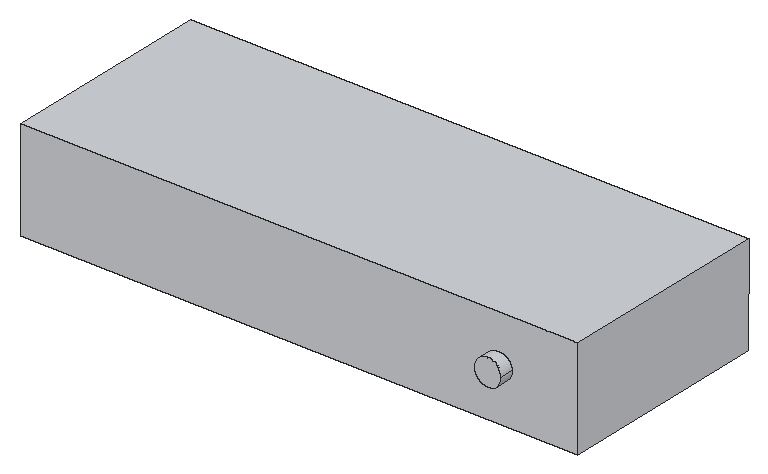
Revit family "Sensor_01_ME", category Communication Devices, Revit 2022
Family settings
  Round Connector Dimension = Use Diameter
  Part Type = Normal
  OmniClass Number = 23.85.30.21.11
  OmniClass Title = Fire Detection, Monitoring and Alarm
  Work Plane-Based = Yes
  Always vertical = No
  Cut with Voids When Loaded = No
  Maintain Annotation Orientation = No
  Shared = No
  Room Calculation Point = Yes
Parameters (values of type "Sensor")
  Messbereich_Untergrenze [instance] = 0
  Messbereich_Obergrenze [instance] = 0
  Default Elevation = 1219.2 mm
  Sensor4_Sensortyp = ""
  Sensor3_Sensortyp = ""
  Sensor2_Sensortyp = ""
  Sensor1_Sensortyp [instance] = ""
  Sensor ID [instance] = "write ecp here"
  Oberfläche [instance] = none
  Länge = 91.374 mm
  Kostengruppe = "456"
  Installationshöhe [instance] = 0 mm
  Höhe = 37.729 mm
  Einsatzbereich außen = yes
  Datenuebertragung drahtlos [instance] = yes
  DIN 276 = "Schwachstrom"
  Bucket Name [instance] = ""
  Breite = 15 mm
  Abtastrate [instance] = 0
Reference planes
  plane 1 "Mitte (Vorne/Hinten)": y = 0
  plane 2: z = 0
  plane 3 "Mitte (Links/Rechts)": x = 0
  plane 4 "Installationsebene": z = 0
  plane 5: z = 0
  plane 6: x = 72.358
  plane 7: y = 39.973
  plane 8: x = 97.358
  plane 9: x = -102.642
  plane 10: y = -30
  plane 11: z = -5
  plane 12: z = -32.729
Forms (mm)
  Revolve 1, solid, material <- "Oberfläche", not visible, detail levels medium+fine
    sketch origin (0, 0, 0) x (0, 1, 0) y (0, 0, -1)
      loop
        line (0, 0) -> (0, 22) -> (0, 28) -> (-44, 28) -> (-50, 22) -> (-51, 22) -> (-60, 14) -> (-60, 0) -> (0, 0)
      loop
        line (0, 32) -> (0, 34) -> (-38, 34) -> (-40, 32) -> (0, 32)
      loop
        line (0, 38) -> (0, 40) -> (-32, 40) -> (-34, 38) -> (0, 38)
      loop
        line (0, 44) -> (0, 46) -> (-26, 46) -> (-28, 44) -> (0, 44)
      loop
        line (0, 50) -> (0, 52) -> (-20, 52) -> (-22, 50) -> (0, 50)
      loop
        line (0, 56) -> (0, 61) -> (-11, 61) -> (-16, 56) -> (0, 56)
      axis (0, 61) -> (0, 0)
    angle from 0 to 360
  Revolve 2, solid, material <- "Oberfläche", not visible, detail levels medium+fine
    sketch origin (0, 0, 0) x (1, 0, 0) y (0, 0, -1)
      loop
        line (0, 61) -> (0, 64)
        spline (0, 64) -> (-0.479, 63.979) -> (-0.917, 63.917) -> (-1.313, 63.812) -> (-1.667, 63.667) -> (-1.979, 63.479) -> (-2.25, 63.25) -> (-2.479, 62.979) -> (-2.667, 62.667) -> (-2.813, 62.312) -> (-2.917, 61.917) -> (-2.979, 61.479) -> (-3, 61)
        line (-3, 61) -> (0, 61)
      axis (0, 64) -> (0, 61)
    angle from 0 to 360
  Blend 3, void, not visible, detail levels medium+fine
    base sketch origin (0, 0, 0) x (1, 0, 0) y (0, 1, 0)
      loop
        circle (0, 0) r 48.096
    top sketch origin (0, 0, 0) x (1, 0, 0) y (0, 1, 0)
      loop
        circle (0, 0) r 15
    from -15 to -55
  Extrusion 4, solid, not visible, detail levels fine
    sketch origin (0, 0, 0) x (0, 1, 0) y (0, 0, 1)
      loop
        line (-15, -56) -> (-12.999, -56) -> (-40.999, -28) -> (-43, -28) -> (-15, -56)
    from -1 to 1
  Extrusion 5, solid, material <- "Oberfläche", not visible, detail levels fine
    sketch origin (0, 0, 0) x (0, -1, 0) y (0, 0, -1)
      loop
        line (-15, 56) -> (-43, 28) -> (-40.999, 28) -> (-12.999, 56) -> (-15, 56)
    from -1 to 1
  Extrusion 6, solid, material <- "Oberfläche", not visible, detail levels fine
    sketch origin (0, 0, 0) x (1, 0, 0) y (0, 0, 1)
      loop
        line (-15, -56) -> (-13, -56) -> (-41, -28) -> (-43, -28) -> (-15, -56)
    from -1 to 1
  Extrusion 7, solid, material <- "Oberfläche", not visible, detail levels fine
    sketch origin (0, 0, 0) x (-1, 0, 0) y (0, 0, -1)
      loop
        line (-15, 56) -> (-43, 28) -> (-41, 28) -> (-13, 56) -> (-15, 56)
    from -1 to 1
  Blend 8, solid, material <- "Oberfläche", not visible, detail levels fine
    base sketch origin (0, 0, 0) x (1, 0, 0) y (0, 1, 0)
      loop
        circle (0, 0) r 40
    top sketch origin (0, 0, 0) x (1, 0, 0) y (0, 1, 0)
      loop
        circle (0, 0) r 22.447
    from -10 to -45
  Extrusion 9, solid
    sketch origin (0, 0, 0) x (-1, 0, 0) y (0, -1, 0)
      loop
        line (107.642, -44.973) -> (107.642, 35.027) -> (-102.358, 35.027) -> (-102.358, -44.973) -> (107.642, -44.973)
    from 0 to -37.729
  Extrusion 10, solid
    sketch origin (107.358, -35.027, 0) x (-1, 0, 0) y (0, 0, -1)
      loop
        circle (35, 18.31) r 5
    from 0 to 5
  Extrusion 11, void
    sketch origin (7.071, -7.071, 0) x (-1, 0, 0) y (0, -1, 0)
      loop
        line (109.713, -47.044) -> (109.713, 22.929) -> (-90.287, 22.929) -> (-90.287, -47.044) -> (109.713, -47.044)
    from -5 to -32.729
  Extrusion 12, solid
    sketch origin (143.62, 0, -5) x (1, 0, 0) y (0, 1, 0)
      loop
        line (-136.993, -6.885) -> (-126.993, -6.885) -> (-126.993, 3.115) -> (-136.993, 3.115) -> (-136.993, -6.885)
    from 0 to -10
  Extrusion 13, solid
    sketch origin (123.62, 0, -5) x (1, 0, 0) y (0, 1, 0)
      loop
        line (-136.993, -6.885) -> (-126.993, -6.885) -> (-126.993, 3.115) -> (-136.993, 3.115) -> (-136.993, -6.885)
    from 0 to -10
  Extrusion 14, solid
    sketch origin (103.62, 0, -5) x (1, 0, 0) y (0, 1, 0)
      loop
        line (-136.993, -6.885) -> (-126.993, -6.885) -> (-126.993, 3.115) -> (-136.993, 3.115) -> (-136.993, -6.885)
    from 0 to -10
  Extrusion 15, void
    sketch origin (143.62, 0, -32.729) x (1, 0, 0) y (0, 1, 0)
      loop
        line (-190.865, 36.278) -> (-190.865, 33.715) -> (-105.865, 33.715) -> (-105.865, 36.278) -> (-190.865, 36.278)
      loop
        line (-190.865, 26.278) -> (-190.865, 23.715) -> (-105.865, 23.715) -> (-105.865, 26.278) -> (-190.865, 26.278)
      loop
        line (-190.865, 16.278) -> (-190.865, 13.715) -> (-105.865, 13.715) -> (-105.865, 16.278) -> (-190.865, 16.278)
      loop
        line (-190.865, 6.278) -> (-190.865, 3.715) -> (-105.865, 3.715) -> (-105.865, 6.278) -> (-190.865, 6.278)
      loop
        line (-190.865, -3.722) -> (-190.865, -6.285) -> (-105.865, -6.285) -> (-105.865, -3.722) -> (-190.865, -3.722)
      loop
        line (-190.865, -13.722) -> (-190.865, -16.285) -> (-105.865, -16.285) -> (-105.865, -13.722) -> (-190.865, -13.722)
      loop
        line (-190.865, -23.722) -> (-190.865, -26.285) -> (-105.865, -26.285) -> (-105.865, -23.722) -> (-190.865, -23.722)
    from 0 to -10
Cuts and joins
  Extrusion 11, Extrusion 15 cuts Extrusion 9
Dimensions and locks
  Revolve 1 sketch curve to Revolve 1 sketch curve to Revolve 1 sketch curve = 9 mm, 51 mm
  Revolve 1 sketch curve to Revolve 1 sketch curve to Revolve 1 sketch curve to Revolve 1 sketch curve to Revolve 1 sketch curve to Revolve 1 sketch curve to Revolve 1 sketch curve to Revolve 1 sketch curve to Revolve 1 sketch curve to Revolve 1 sketch curve to Revolve 1 sketch curve to Revolve 1 sketch curve = 2 mm, 4 mm, 2 mm, 4 mm, 2 mm, 4 mm, 2 mm, 4 mm, 6 mm, 8 mm, 14 mm
  Revolve 1 sketch curve to Revolve 1 sketch curve = 51 mm
  "Installationshöhe": plane 4 "Installationsebene" to level
  locked: plane 6 to Extrusion 9 at 30
  Extrusion 9 to plane 7 = 5 mm
  locked: plane 10 to Extrusion 9 at 5.027
  locked: Extrusion 9 to plane 9 at 5
  locked: plane 8 to Extrusion 9 at 5
  plane 11 to Extrusion 9 = 5 mm
  Extrusion 9 to plane 12 = 5 mm
  aligned and locked: level to plane 2
  aligned and locked: plane 6 to Extrusion 10 sketch curve
  aligned and locked: plane 7 to Extrusion 11
  aligned and locked: Extrusion 11 to plane 9
  aligned and locked: plane 8 to Extrusion 11
  aligned and locked: Extrusion 11 to plane 10
  aligned and locked: Extrusion 11 to plane 12
  aligned and locked: plane 11 to Extrusion 11
Automatic sketch dimensions
  Revolve 1 sketch curve to plane 5 = 0 mm  (x2)
  Revolve 1 sketch curve to Revolve 1 sketch curve = 1 mm
  Revolve 1 sketch curve to Revolve 1 sketch curve = 6 mm  (x2)
  Revolve 1 sketch curve to Revolve 1 sketch curve = 4 mm  (x5)
  Revolve 1 sketch curve to Revolve 1 sketch curve = 2 mm  (x4)
  plane 5 to Revolve 1 sketch curve = 56 mm
  plane 5 to Revolve 1 sketch curve = 61 mm
  Revolve 1 sketch curve to Revolve 1 sketch curve = 5 mm
  Revolve 1 sketch curve to Revolve 1 sketch curve = 0 mm  (x7)
  plane 5 to Revolve 2 sketch curve = 61 mm
  Revolve 2 sketch curve to Revolve 2 sketch curve = 3 mm  (x2)
  Revolve 2 sketch curve to Revolve 2 sketch curve = 0 mm  (x3)
  Extrusion 4 sketch curve to plane 5 = 28 mm
  Extrusion 4 sketch curve to Extrusion 4 sketch curve = 2.001 mm  (x2)
  Extrusion 4 sketch curve to plane 5 = 56 mm
  Extrusion 4 sketch curve to Extrusion 4 sketch curve = 25.999 mm
  plane 5 to Extrusion 5 sketch curve = 28 mm
  Extrusion 5 sketch curve to Extrusion 5 sketch curve = 2.001 mm  (x2)
  plane 5 to Extrusion 5 sketch curve = 56 mm
  Extrusion 5 sketch curve to Extrusion 5 sketch curve = 25.999 mm
  Extrusion 6 sketch curve to plane 5 = 28 mm
  Extrusion 6 sketch curve to Extrusion 6 sketch curve = 2 mm  (x2)
  Extrusion 6 sketch curve to Extrusion 6 sketch curve = 26 mm
  Extrusion 6 sketch curve to Extrusion 6 sketch curve = 28 mm
  plane 5 to Extrusion 7 sketch curve = 28 mm
  Extrusion 7 sketch curve to Extrusion 7 sketch curve = 2 mm  (x2)
  Extrusion 7 sketch curve to Extrusion 7 sketch curve = 26 mm
  Extrusion 7 sketch curve to Extrusion 7 sketch curve = 28 mm
  plane 8 to Extrusion 9 sketch curve = 5 mm
  Extrusion 9 sketch curve to plane 9 = 5 mm
  plane 7 to Extrusion 9 sketch curve = 5 mm
  Extrusion 9 sketch curve to plane 10 = 5.027 mm
  Extrusion 9 to Extrusion 10 sketch curve = 18.31 mm
  Extrusion 11 sketch curve to plane 7 = 0 mm
  Extrusion 11 sketch curve to plane 8 = 0 mm
  Extrusion 11 sketch curve to plane 9 = 0 mm
  Extrusion 11 sketch curve to plane 10 = 0 mm
  Extrusion 12 sketch curve to plane 1 "Mitte (Vorne/Hinten)" = 3.115 mm
  plane 3 "Mitte (Links/Rechts)" to Extrusion 12 sketch curve = 6.627 mm
  Extrusion 12 sketch curve to Extrusion 12 sketch curve = 10 mm
  plane 1 "Mitte (Vorne/Hinten)" to Extrusion 12 sketch curve = 6.885 mm
  Extrusion 13 sketch curve to plane 1 "Mitte (Vorne/Hinten)" = 3.115 mm
  Extrusion 13 sketch curve to plane 3 "Mitte (Links/Rechts)" = 13.373 mm
  Extrusion 13 sketch curve to plane 3 "Mitte (Links/Rechts)" = 3.373 mm
  plane 1 "Mitte (Vorne/Hinten)" to Extrusion 13 sketch curve = 6.885 mm
  Extrusion 14 sketch curve to plane 1 "Mitte (Vorne/Hinten)" = 3.115 mm
  Extrusion 14 sketch curve to plane 3 "Mitte (Links/Rechts)" = 33.373 mm
  Extrusion 14 sketch curve to Extrusion 14 sketch curve = 10 mm
  plane 1 "Mitte (Vorne/Hinten)" to Extrusion 14 sketch curve = 6.885 mm
  Extrusion 15 sketch curve to plane 7 = 3.695 mm
  Extrusion 15 sketch curve to plane 3 "Mitte (Links/Rechts)" = 47.245 mm  (x2)
  plane 10 to Extrusion 15 sketch curve = 6.278 mm
  Extrusion 15 sketch curve to Extrusion 15 sketch curve = 0 mm  (x11)
  Extrusion 15 sketch curve to plane 1 "Mitte (Vorne/Hinten)" = 3.715 mm
  Extrusion 15 sketch curve to plane 6 = 34.603 mm
  Extrusion 15 sketch curve to Extrusion 15 sketch curve = 2.562 mm  (x7)
  Extrusion 15 sketch curve to Extrusion 15 sketch curve = 7.438 mm  (x3)
  plane 1 "Mitte (Vorne/Hinten)" to Extrusion 15 sketch curve = 6.285 mm
  radius of Blend 3 sketch curve = 48.096 mm
  radius of Blend 3 sketch curve = 15 mm
  radius of Blend 8 sketch curve = 40 mm
  radius of Blend 8 sketch curve = 22.447 mm
  radius of Extrusion 10 sketch curve = 5 mm
Connectors
  electrical at (-2.642, 4.973, 0)
    settings: on Extrusion 9, index 1, voltage 0 V, apparent load 0 VA, apparent load phase1 0 VA, apparent load phase2 0 VA, apparent load phase3 0 VA, power factor 1, load classification "Sonstige", number of poles 1, system type 14, power factor state 1, is connector primary yes, connector utility no, sub classification motor no, connector description ""
  electrical at (72.358, -40.027, -18.31)
    settings: on Extrusion 10, index 2, voltage 0 V, apparent load 0 VA, apparent load phase1 0 VA, apparent load phase2 0 VA, apparent load phase3 0 VA, power factor 1, load classification "Sonstige", number of poles 1, system type 5, power factor state 1, is connector primary no, connector utility no, sub classification motor no, connector description ""
  hvac at (-2.642, 4.973, -37.729)
    settings: on cut or joined group of Extrusion 9, Extrusion 11, Extrusion 15, index 3, duct flow 0.0 L/s, flow factor 0, pres drop 0.0 Pa, loss coef 0, conn angle 0.00°, conn width 304.8 mm, conn height 304.8 mm, conn diameter 609.6 mm, duct sys type 1, conn prof type 1, flow config 0, flow direction 0, loss method 0, conn ref index -1, conn util no, is conn primary yes, conn desc ""
  hvac at (97.358, 4.987, -18.865)
    settings: on cut or joined group of Extrusion 9, Extrusion 11, Extrusion 15, index 4, duct flow 0.0 L/s, flow factor 0, pres drop 0.0 Pa, loss coef 0, conn angle 0.00°, conn width 304.8 mm, conn height 304.8 mm, conn diameter 609.6 mm, duct sys type 1, conn prof type 1, flow config 0, flow direction 0, loss method 0, conn ref index -1, conn util no, is conn primary no, conn desc ""
